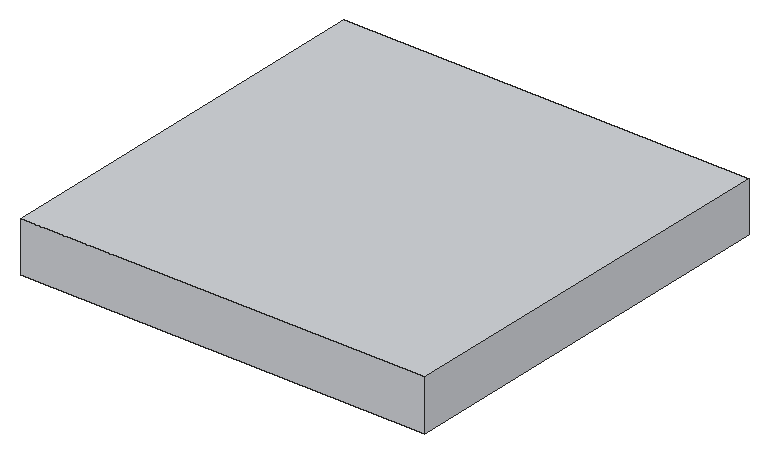
Revit family "00-7902-05-05", category Luminarias, Revit 2017
Family settings
  Anfitrión = Cara
  Cota de conector redondo = Diámetro de uso
  Tipo de pieza = Normal
  Número OmniClass = 23.80.70.00
  Título OmniClass = Lighting
  Corte con vacíos al cargar = No
  Origen de luz = No
  Compartido = Sí
  Punto de cálculo de habitación = No
Parameters (values of type "00-7902-05-05")
  Versión = "v1"
  Vatios (W) = 24.3
  Tipo de regulación = ""
  Tipo = "Colgante"
  Tender text (English) = "LEDS C4\nPunto Multiple Surface\n00-7902-05-05\n\nPendant for indoor use. \n\nFor downlighting. Structure material: Aluminium. Structure finish: Black. Warranty: 5 Years.\n\nProduct net weight (Kg): 1.640\nProduct length (mm): 5000\nProduct width or diameter (mm): 140\nProduct height (mm): 1200\nØ of the hole for recessing (mm): 60\n\nClass 1. IP: IP20. LED. No. of lampholders or LEDs: 5. LED brand: CREE. Driver brand: HEP. Maximum power of light source: 18.5W. Colour temperature: LED warm-white 3000K. Colour rendering index: 90. MacAdam Steps: 3. Maximum diameter of luminaire bulb: 50.000h L80B20. UGR:  8.3. Photobiological risk: RG2. Real flux (lm): 625. Lm/Real W: 26. Voltage and frequency range: 100-240/50-60Hz. Voltage: 3. Gear included: Yes, electronic. Total power: 24.3. Power factor: 0.90."
  Tender text (Castellano) = "LEDS C4\nPunto Multiple Surface\n00-7902-05-05\n\nColgante de uso interior para iluminar hacia abajo. \nMaterial estructura: Aluminio. Acabado estructura: Negro. Garantía: 5 Años.\n\nPeso neto del producto (Kg): 1.640\nLongitud del producto (mm): 5000\nAnchura o diámetro del producto (mm): 140\nAltura del producto (mm): 1200\nØ del agujero para empotrar (mm): 60\n\nClase 1. IP: IP20. LED. Nº de portalámparas o Leds: 5. Marca del LED: CREE. Marca del Driver: HEP. Potencia máxima de la fuente de luz: 18.5W. Temperatura de color: Blanco cálido - 3000K. Índice de reproducción cromática: 90. Steps Mac Adam: 3. Diámetro máximo de la bombilla que admite la luminaria: 50.000h L80B20. UGR:  8.3. Riesgo fotobiológico: RG2. Flujo real (lm): 625. Lm/W reales: 26. Rango de voltaje/frecuencia: 100-240/50-60Hz. Voltaje: 3. Equipo incluido: Si, electrónico. Potencia total: 24.3. Factor de potencia: 0.90."
  Temperatura color led (K) = "Blanco cálido - 3000K"
  Referencia = "00-7902-05-05"
  Rayo de luz = "EXTRA MEDIUM"
  Producto descatalogado = "Catalogado ES"
  Pluma comercial = ""
  Peso neto (KG) = 1.64
  Material = "Aluminio"
  Lumenes reales (lm) = 625
  LDT = "http://files.leds-c4.com/ldt/00-7902-05-05.html"
  Imagen web = "http://files.leds-c4.com/main-photo/00-7902-05-05"
  IfcExportType = "NOTDEFINED"
  IfcExportAs = "IfcLightFixture\r\nIfcLightFixture"
  IP = "IP20"
  IMC = "http://files.leds-c4.com/imc/00-7902-05-05.html"
  IK = ""
  Fuente de luz = ""
  Fotometría = "http://files.leds-c4.com/fm/00-7902-05-05.html"
  Ficha = "http://files.leds-c4.com/ft/es/00-7902-05-05.html"
  FechaVersion = "Julio 2020"
  Familia = "Punto Multiple Surface"
  Fabricante = "LEDS C4"
  Etiqueta V/f = "100-240V/50-60Hz"
  Elevación por defecto = 1000 mm
  Eficiencia energética = "LED A++"
  EAN13 = "8435575323728"
  DescripcionUniformat2010 = "Lighting"
  DescripcionUniclass2015 = "Lighting"
  DescripcionOmniclass = "Lighting"
  DescripcionGubimclass = "Iluminación interior"
  CodigoUniformat2010 = "D5040"
  CodigoUniclass2015 = "EF_70_80"
  CodigoOmniclass = "21-04 50 40"
  CodigoGubimclass = "50.60.50.20"
  Catálogo = "Decorative"
  Carga aparente = 0 VA
  CRI = 90
  Acabado = "Negro"
Types (2, lengths in mm): name | Lumenes reales (lm) | CRI
  (no name) | 0 | 0
  00-7902-05-05 | 625 | 90
Values of the unnamed type that differ from the named types
  Vatios (W) = 0
  Tipo = ""
  Tender text (English) = ""
  Tender text (Castellano) = ""
  Temperatura color led (K) = ""
  Referencia = ""
  Rayo de luz = ""
  Producto descatalogado = ""
  Peso neto (KG) = 0
  Material = ""
  LDT = ""
  Imagen web = ""
  IP = ""
  IMC = ""
  Fotometría = ""
  Ficha = ""
  Familia = ""
  Etiqueta V/f = ""
  Eficiencia energética = ""
  EAN13 = ""
  Catálogo = ""
  Acabado = ""
Reference planes
  plane 1 "Centro (Frontal/Posterior)": y = 0
  plane 2: z = 0
  plane 3 "Centro (Izquierda/Derecha)": x = 0
  plane 4 "Elevación de origen de luz": z = 0
  plane 5 "Eje de origen de luz (F/P)": y = 0
  plane 6 "Eje de origen de luz (I/D)": x = 0
Forms (mm)
  Extrusion 1, solid
    sketch origin (0, 0, 0) x (1, 0, 0) y (0, 1, 0)
      loop
        line (-1219.2, 1219.2) -> (-1219.2, -1219.2) -> (1219.2, -1219.2) -> (1219.2, 1219.2) -> (-1219.2, 1219.2)
    from 0 to -304.8
Dimensions and locks
  aligned and locked: plane 2 to Extrusion 1
  aligned and locked: level to Extrusion 1
Nested families
  nested 1: "Luz anidada" at (-2028.828, 0, 1238.643), type "Tipo1"
  nested 2: "Luz anidada" at (-1028.629, 0, 1238.836), type "Tipo1"
  nested 3: "Luz anidada" at (-28.733, 0, 1238.731), type "Tipo1"
  nested 4: "Luz anidada" at (971.27, 0, 1239.079), type "Tipo1"
  nested 5: "Luz anidada" at (1971.35, 0, 1238.513), type "Tipo1"
Connectors
  electrical at (0, 0, 0)
    settings: on Extrusion 1, index 1, voltage 0 V, apparent load 0 VA, apparent load phase1 0 VA, apparent load phase2 0 VA, apparent load phase3 0 VA, power factor 1, load classification "Otro", number of poles 1, system type 31, power factor state 1, is connector primary yes, connector utility no, sub classification motor no, connector description ""
Definition of nested family "Luz anidada"
  Parameters (values of type "Tipo1")
    Tilt Angle = 90.00°
    Wattage = 4.86 W
    Tipo de regulación = ""
    Tipo = ""
    Tender text = ""
    built-in parameter 1150110 = 1 (stored number, unit not read)
    Pluma comercial = ""
    Material = ""
    Imagen = ""
    IP = ""
    IMC = ""
    IK = ""
    Fotometría = ""
    Ficha = ""
    Familia = ""
    Estado en catálogo = ""
    Peso neto = ""
    Lamp = ""
    built-in parameter 1114217 = 1 (stored number, unit not read)
    built-in parameter 1150109 = 1 (stored number, unit not read)
    Etiqueta vf = ""
    Eficiencia energética = ""
    EAN13 = ""
    built-in parameter 1150134 = (empty or 0)
    built-in parameter 1150113 = 1 (stored number, unit not read)
    Lumens = 2391 lm
    built-in parameter 1150115 = 1 (stored number, unit not read)
    built-in parameter 1150105 = 109.82 (stored number, unit not read)
    built-in parameter 1150137 = (empty or 0)
    built-in parameter 1150139 = (empty or 0)
    built-in parameter 1150112 = 1 (stored number, unit not read)
    built-in parameter 1150114 = 1 (stored number, unit not read)
    built-in parameter 1150132 = (empty or 0)
    built-in parameter 1150102 = (empty or 0)
    built-in parameter 1150138 = (empty or 0)
    built-in parameter 1150107 = 3000 (stored number, unit not read)
    built-in parameter 1150106 = 1.0982 (stored number, unit not read)
    built-in parameter 1150104 = 2.3895 (stored number, unit not read)
    Catálogo = ""
    Dimming Lamp Color Temperature Shift = (empty or 0)
    Color Filter = 16777215
    built-in parameter 1114218 = 1 (stored number, unit not read)
    CRI = 0
    Photometric Web File = "00-7902-05-05_1.ies"
    Acabado = ""
    built-in parameter 1150133 = 10 (stored number, unit not read)
  Values of the unnamed type that differ from the named types
    Wattage = 6.5 W
    built-in parameter 1150104 = 4.7023 (stored number, unit not read)
  Reference planes
    plane 1 "Eje de origen de luz (F/P)": y = 0
    plane 2: z = 0
    plane 3 "Eje de origen de luz (I/D)": x = 0
    plane 4 "Elevación de origen de luz": z = 0
  Dimensions and locks
    aligned and locked: plane 3 "Eje de origen de luz (I/D)" to imposter light
    aligned and locked: plane 1 "Eje de origen de luz (F/P)" to imposter light
    aligned and locked: plane 4 "Elevación de origen de luz" to imposter light
    aligned and locked: level to plane 2
